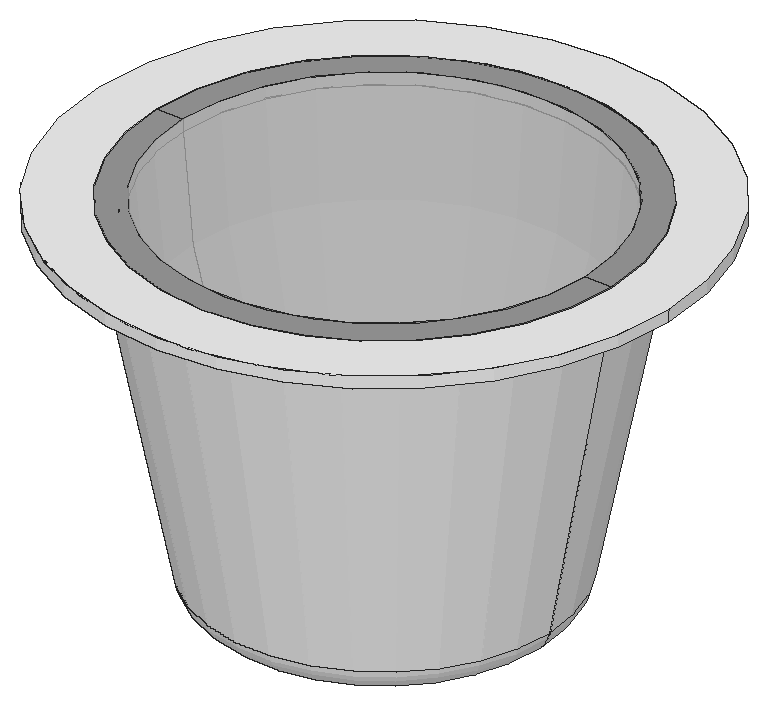
Revit family "2060512 Sylvania Lighting Fixture ASCENT100 II ARCH 900 3K DALI 120", category Lighting Fixtures, host Face, Revit 2016
Family settings
  Host = Face
  Part Type = Normal
  Round Connector Dimension = Use Diameter
  OmniClass Number = 23.80.70.11.17
  OmniClass Title = Specialized Lighting by Location or Use
  Cut with Voids When Loaded = No
  Light Source = Yes
  Shared = No
  Room Calculation Point = No
Parameters (values of type "2060512 ASCT100 II ARCH 900 3K DALI 120")
  Weight = "0.715 kg"
  WarrantyStartDate [instance] = "n/a"
  WarrantyGuarantorParts = "n/a"
  WarrantyDurationUnit = "n/a"
  WarrantyDurationParts = "n/a"
  WarrantyDescription = "n/a"
  Voltage = 0 V
  TypeName = "ASCENT100 II ARCH 900 3K DALI 120"
  SerialNumber [instance] = "n/a"
  ReflectorRadius_SYL = Radius_SYL - 15.0 mm  # 60.0 mm
  PowerFactor = 0
  PowerConsumption = "8 W"
  NominalWidth = 0.0 mm
  NominalLength = 0.0 mm
  NominalHeight = 94.0 mm
  Name = "ASCENT100 II ARCH 900 3K DALI 120"
  ModelReference = "ASCENT100 II ARCH 900 3K DALI 120"
  ModelNumber = "2060512"
  Material_4_SYL = Aluminium_Sylvania_Ascent_Silver
  Radius_SYL = 75.0 mm
  Wattage = 8 W
  built-in parameter 1150110 = 1 (stored number, unit not read)
  URL = "http://www.sylvania-lighting.com"
  built-in parameter 1114217 = 1 (stored number, unit not read)
  Tilt Angle = -90°
  built-in parameter 1150109 = 1 (stored number, unit not read)
  built-in parameter 1150134 = (empty or 0)
  built-in parameter 1150113 = 1 (stored number, unit not read)
  Photometric Web File = "2060512.ies"
  Material = "aluminium housing, acrylic diffuser"
  ManufacturerName = "Feilo Sylvania"
  LuminousEfficacy = "113 lm/W"
  LuminaireType = ""
  LightOutputRatio = "100"
  LampsType = Lamp  # "LED"
  LampNominalLuminous = "900 lm"
  LampMacAdamStep = "n/a"
  LampColourTemperature = "3000 K"
  LampColourRenderingIndex = "80"
  Keynote = "16500"
  InstallationDate [instance] = "n/a"
  InputVoltage = "n/a"
  InputNominalFrequency = "n/a"
  IngressProtection = "IP40"
  ImpactProtectionIndex = "IK02"
  IfcExportType = "IfcLightFixtureType"
  IfcExportAs = "IfcLightFixtureType"
  Height_SYL = 94.0 mm
  ExpectedLife = 50000
  Emit from Circle Diameter = 2 * DiffuserRadius_SYL  # 106.0 mm
  Emit Shape Visible in Rendering = no
  ElectricShockClassification = "Class II"
  DurationUnit = "hours"
  DocumentationLiterature = "http://www.sylvania-lighting.com/product/en-int/products/2060512"
  DimmingControlOptions = "n/a"
  DiffuserRadius_SYL = ReflectorRadius_SYL - 7.0 mm  # 53.0 mm
  Material_3_SYL = Polycarbonate_Sylvania_Ascent_Clear
  Diameter_SYL = 2 * Radius_SYL  # 150.0 mm
  CutoutDiameter_SYL = Diameter_SYL - 13.0 mm  # 137.0 mm
  CreatedOn = "9/17/2018"
  CreatedBy = "@sylvania-lighting.com"
  built-in parameter 1114216 [instance] = 1 (stored number, unit not read)
  Model = "ASCENT100 II ARCH 900 3K DALI 120"
  Manufacturer = "Feilo Sylvania"
  built-in parameter 1150105 = 71.938 (stored number, unit not read)
  Lumens = 904 lm
  built-in parameter 1150115 = 1 (stored number, unit not read)
  built-in parameter 1150137 = (empty or 0)
  built-in parameter 1150139 = (empty or 0)
  built-in parameter 1150112 = 1 (stored number, unit not read)
  built-in parameter 1150114 = 1 (stored number, unit not read)
  Lamp = "LED"
  built-in parameter 1150132 = 2
  built-in parameter 1150102 = (empty or 0)
  built-in parameter 1150107 = 3000 (stored number, unit not read)
  built-in parameter 1150138 = (empty or 0)
  built-in parameter 1150106 = 0.71938 (stored number, unit not read)
  Material_1_SYL = Aluminum_Sylvania_Ascent_White
  built-in parameter 1150104 = 10.498 (stored number, unit not read)
  Dimming Lamp Color Temperature Shift = <None>
  Description = "Direct LED retro fit for original LED 100 Arch (120) single CFL lamp offering Matching lumen levels and improved light distribution of original LED 100 CFL lamp equivalents Typically half the power consumption compared to CFL Up to 104lm/W 120mm aperture Architectural reflector accepts range of glass accessories from existing LED 100 Arch 120 offering HE, HO and VHO versions equivalent of single 1 x 13W, 1 x 18W, 1 x 26W Additional VVHO versions which offer the performance circa 2 x 26W equivalent"  # constant formula
  Default Elevation = 0.0 mm
  Color Filter = 16777215
  built-in parameter 1140040 [instance] = 1
  BarCode [instance] = "n/a"
  built-in parameter 1114218 = 1 (stored number, unit not read)
  built-in parameter 1150133 = 10 (stored number, unit not read)
  AssetType = "Fixed"
  AssetIdentifier [instance] = "n/a"
  Assembly Code = "D5020200"
  Apparent Load = 8 VA
  Aperture_SYL = 2 * ReflectorRadius_SYL  # 120.0 mm
  Material_2_SYL = Aluminum_Sylvania_Ascent_White
Reference planes
  plane 1 "Center (Front/Back)": y = 0
  plane 2: z = 0
  plane 3 "Center (Left/Right)": x = 0
  plane 4 "Fixture Bottom": z = 3
  plane 5: z = -52.5
  plane 6 "Fixture Top": z = -91
Forms (mm)
  Extrusion 1, solid, material "Aluminum_Sylvania_Ascent_White" <- "Material_2_SYL", detail levels fine
    sketch origin (0, 0, 0) x (1, 0, 0) y (0, 1, 0)
      loop
        circle (0, 0) r 75
      loop
        circle (0, 0) r 60
    from 0 to 3
  Extrusion 2, void
    sketch origin (0, 0, 0) x (1, 0, 0) y (0, 1, 0)
      loop
        circle (0, 0) r 68.5
    from -91 to 3
  Revolve 3, solid, material "Aluminum_Sylvania_Ascent_White" <- "Material_1_SYL", detail levels fine
    sketch origin (0, 0, 0) x (1, 0, 0) y (0, 0, 1)
      loop
        line (0, -91.073) -> (0, -89.023) -> (-35.468, -89.014)
        arc (-35.468, -89.014) -> (-39.352, -87.613) -> (-41.54, -84.139) r 6.307
        line (-41.54, -84.139) -> (-57.991, -2.844) -> (-57.991, 0) -> (-60, 0) -> (-60, -3) -> (-43.5, -84.536)
        arc (-43.5, -84.536) -> (-40.643, -89.203) -> (-35.5, -91.073) r 8.291
        line (-35.5, -91.073) -> (0, -91.073)
      axis (0, 0) -> (0, -91.073)
    angle from 0 to 360
  Revolve 4, solid, material "Aluminium_Sylvania_Ascent_Silver" <- "Material_4_SYL", detail levels fine
    sketch origin (0, 0, 0) x (1, 0, 0) y (0, 0, 1)
      loop
        line (-60, 3) -> (-60, 0) -> (-55, 0)
        arc (-55, 0) -> (-52.349, -26.77) -> (-44.5, -52.5) r 136.5
        line (-44.5, -52.5) -> (-38, -52.5)
        arc (-38, -52.5) -> (-36.857, -61.521) -> (-33.5, -69.971) r 36.166
        line (-33.5, -69.971) -> (0, -69.971) -> (0, -50.5) -> (-43.16, -50.5)
        arc (-43.16, -50.5) -> (-50.517, -25.725) -> (-53, 0) r 134.5
        line (-53, 0) -> (-53, 3) -> (-60, 3)
      axis (0, 3) -> (0, -69.971)
    angle from 0 to 360
  Extrusion 5, solid, material "Polycarbonate_Sylvania_Ascent_Clear" <- "Material_3_SYL", detail levels fine
    sketch origin (0, 0, 0) x (1, 0, 0) y (0, 1, 0)
      loop
        circle (0, 0) r 53
    from 0 to 3
  Revolve 6, solid, material "Aluminum_Sylvania_Ascent_White" <- "Material_2_SYL", detail levels coarse+medium
    sketch origin (0, 0, 0) x (1, 0, 0) y (0, 0, 1)
      loop
        line (0, -91.073) -> (0, 3) -> (-75, 3) -> (-75, 0) -> (-60, 0) -> (-60, -3) -> (-43.5, -84.536)
        arc (-43.5, -84.536) -> (-40.643, -89.203) -> (-35.5, -91.073) r 8.291
        line (-35.5, -91.073) -> (0, -91.073)
      axis (0, 3) -> (0, -91.073)
    angle from 0 to 360
Dimensions and locks
  locked: plane 4 "Fixture Bottom" to plane 2 at 3
  "Height_SYL": plane 4 "Fixture Bottom" to plane 6 "Fixture Top"
  "ReflectorRadius_SYL": plane 3 "Center (Left/Right)" to Revolve 4 sketch curve
  locked: Revolve 4 sketch curve to Revolve 4 sketch curve at 15.5
  locked: Revolve 4 sketch curve to Revolve 4 sketch curve at 5
  locked: Revolve 4 sketch curve to Revolve 4 sketch curve at 7
  locked: Revolve 4 sketch curve to Revolve 4 sketch curve at 22
  locked: Revolve 4 sketch curve to Revolve 4 sketch curve at 26.5
  locked: Revolve 3 sketch curve to Revolve 3 sketch curve at 16.5
  locked: Revolve 3 sketch curve to Revolve 3 sketch curve at 24.5
  "ReflectorRadius_SYL": Revolve 3 sketch curve to plane 3 "Center (Left/Right)"
  locked: Revolve 3 sketch curve to plane 6 "Fixture Top" at 6.464
  locked: plane 2 to Revolve 3 sketch curve at 3
  locked: Revolve 3 sketch curve to Revolve 3 sketch curve at 2
  locked: Revolve 3 sketch curve to Revolve 3 sketch curve at 2.009
  locked: plane 2 to plane 5 at 52.5
  locked: Revolve 6 sketch curve to Revolve 6 sketch curve at 31.5
  locked: Revolve 6 sketch curve to Revolve 6 sketch curve at 39.5
  locked: Revolve 6 sketch curve to Revolve 6 sketch curve at 15
  "Radius_SYL": plane 3 "Center (Left/Right)" to Revolve 6 sketch curve
  "CutoutDiameter_SYL": diameter of Extrusion 2 sketch curve
  "ReflectorRadius_SYL": radius of Extrusion 1 sketch curve
  "DiffuserRadius_SYL": radius of Extrusion 5 sketch curve
  "Radius_SYL": radius of Extrusion 1 sketch curve
  aligned and locked: host face to plane 2
  aligned and locked: host face to level
  aligned and locked: plane 1 "Center (Front/Back)" to imposter light
  aligned and locked: plane 3 "Center (Left/Right)" to imposter light
  aligned and locked: plane 4 "Fixture Bottom" to Extrusion 1
  aligned and locked: Extrusion 1 to plane 2
  aligned and locked: Revolve 3 sketch curve to plane 3 "Center (Left/Right)"
  aligned and locked: Revolve 4 sketch curve to plane 3 "Center (Left/Right)"  (x2)
  aligned and locked: plane 4 "Fixture Bottom" to Revolve 4 sketch curve
  aligned and locked: Revolve 3 sketch curve to imposter light
  aligned and locked: Extrusion 5 to plane 2
  aligned and locked: imposter light to Extrusion 5
  aligned and locked: plane 2 to Revolve 3 sketch curve  (x2)
  aligned and locked: Revolve 6 sketch curve to imposter light
  aligned and locked: Revolve 6 sketch curve to plane 3 "Center (Left/Right)"
  aligned and locked: plane 6 "Fixture Top" to Extrusion 2
  aligned and locked: imposter light to Extrusion 2
  aligned and locked: imposter light to plane 4 "Fixture Bottom"
Automatic sketch dimensions
  plane 1 "Center (Front/Back)" to Extrusion 2 sketch curve = 0.0 mm
  Extrusion 2 sketch curve to plane 3 "Center (Left/Right)" = 0.0 mm
  Extrusion 1 sketch curve to Extrusion 1 sketch curve = 0.0 mm  (x2)
  plane 1 "Center (Front/Back)" to Extrusion 1 sketch curve = 0.0 mm
  Extrusion 1 sketch curve to plane 3 "Center (Left/Right)" = 0.0 mm
  plane 6 "Fixture Top" to Revolve 3 sketch curve = 0.073 mm
  Revolve 3 sketch curve to plane 6 "Fixture Top" = 6.861 mm
  Revolve 3 sketch curve to Revolve 3 sketch curve = 0.003 mm
  Revolve 3 sketch curve to Revolve 3 sketch curve = 0.009 mm  (x2)
  Revolve 3 sketch curve to Revolve 3 sketch curve = 0.023 mm
  Revolve 3 sketch curve to Revolve 3 sketch curve = 0.072 mm
  Revolve 3 sketch curve to Revolve 3 sketch curve = 0.008 mm
  Revolve 3 sketch curve to plane 6 "Fixture Top" = 1.977 mm
  Revolve 3 sketch curve to Revolve 3 sketch curve = 33.496 mm
  Revolve 3 sketch curve to Revolve 3 sketch curve = 0.028 mm
  plane 4 "Fixture Bottom" to Revolve 3 sketch curve = 82.431 mm
  Revolve 4 sketch curve to Revolve 4 sketch curve = 0.0 mm  (x2)
  Revolve 4 sketch curve to plane 5 = 0.0 mm
  Revolve 4 sketch curve to level = 0.0 mm
  plane 5 to Revolve 4 sketch curve = 2.0 mm
  plane 4 "Fixture Bottom" to Revolve 4 sketch curve = 9.642 mm
  plane 1 "Center (Front/Back)" to Extrusion 5 sketch curve = 0.0 mm
  Extrusion 5 sketch curve to plane 3 "Center (Left/Right)" = 0.0 mm
  Revolve 4 sketch curve to level = 69.971 mm
  Revolve 4 sketch curve to Revolve 4 sketch curve = 2.387 mm
  Revolve 6 sketch curve to level = 0.0 mm
  Revolve 6 sketch curve to plane 3 "Center (Left/Right)" = 0.0 mm
  Revolve 6 sketch curve to Revolve 6 sketch curve = 8.104 mm
  Revolve 6 sketch curve to level = 3.0 mm
  Revolve 6 sketch curve to plane 6 "Fixture Top" = 6.464 mm
  plane 6 "Fixture Top" to Revolve 6 sketch curve = 0.073 mm
  Revolve 6 sketch curve to Revolve 6 sketch curve = 33.496 mm
  plane 4 "Fixture Bottom" to Revolve 6 sketch curve = 82.431 mm
  host sketch curve to host sketch curve = 1368.192 mm
  host sketch curve to host sketch curve = 1600.367 mm
Connectors
  electrical at (0, 0, -91.073), driven by "Apparent Load"
    settings: on Revolve 3, index 1, voltage 240 V, apparent load 0 VA, apparent load phase1 8 VA, apparent load phase2 0 VA, apparent load phase3 0 VA, power factor 1, load classification "Lighting", number of poles 1, system type 31, power factor state 1, is connector primary yes, connector utility no, sub classification motor no, connector description ""
